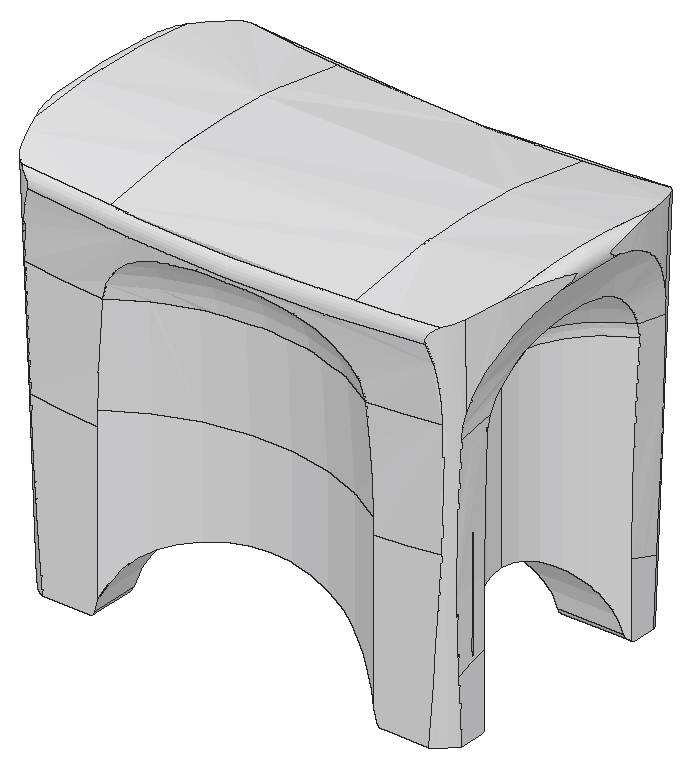
Revit family "Seat-Shower-STERLING-Accord-72186104", category Specialty Equipment, host Face, Revit 2015
Parameters (values of type "0-White")
  Width = 13 1/8"  # constant formula
  WaterSense Certified = 1 = 0  # no
  URL = "https://www.sterlingplumbing.com/"
  Type = 1
  Product Page URL = "http://www.sterlingplumbing.com/detail?productNumber=72186104"
  Product Name = "Accord"  # constant formula
  Product Documentation Link = "https://www.sterlingplumbing.com/onlinecatalog/pdf/72186104_spec.pdf"
  Model = if(Type = 2, "72186104-96", if(Type = 1, "72186104-0", "NA"))  # "72186104-0"
  Material = "Plastic"  # constant formula
  MasterFormat 2004 = "10.28.13"  # constant formula
  MasterFormat 1995 = "10820"  # constant formula
  Manufacturer Address = "444 Highland Dr, Kohler, WI 53044"  # constant formula
  Manufacturer = "KOHLER Co."  # constant formula
  Length = 21 3/8"  # constant formula
  Height = 17 3/8"  # constant formula
  Finish = Kohler-Plastic-0-White
  Environmental Product Declaration = ""
  Description = "Freestanding Seat"  # constant formula
  Default Elevation = 0"
  Declare Label = ""
  Date Modified = "06/04/2019"  # constant formula
  Date Created = "06/04/2019"  # constant formula
  Copyright = "Copyright KOHLER Co."  # constant formula
  Contact Us = "https://www.sterlingplumbing.com/contact"
  Assembly Code = "C1030200"
  ADA Compliant = 1 = 0  # no
Types (2): name | Type | Model | Finish
  96-Biscuit | 2 | "72186104-96" | Kohler-Plastic-96-Biscuit
  0-White | 1 | "72186104-0" | Kohler-Plastic-0-White
Reference planes (in)
  plane 1 "Center (Front/Back)": y = 0
  plane 2: z = 0
  plane 3 "Center (Left/Right)": x = 0
  plane 4: x = -10.6875
  plane 5: x = 10.6875
  plane 6: z = 17.375
  plane 7: y = 6.5625
  plane 8: y = -6.5625
  plane 9: x = -6.0625
  plane 10: x = 6.0625
  plane 11: y = 3.875
  plane 12: y = -3.875
  plane 13: z = 3.75
  plane 14: z = 16.75
  plane 15: y = 6.0625
  plane 16: x = 9.28125
  plane 17: x = -9.28125
  plane 18: z = 16.0625
  plane 19: y = -6.0625
Dimensions and locks (in)
  "Length": plane 4 to plane 5
  "Height": plane 6 to level
  "Width": plane 8 to plane 7
  plane 10 to plane 9 = 12 1/8"
  plane 11 to plane 12 = 7 3/4"
  plane 13 to level = 3 3/4"
  plane 5 to plane 16 = 1 13/32"
  plane 17 to plane 4 = 1 13/32"
  plane 6 to plane 14 = 5/8"
  level to plane 18 = 16 1/16"
  plane 7 to plane 15 = 1/2"
  plane 19 to plane 8 = 1/2"
  plane 16 to plane 17 = 18 9/16"
  aligned and locked: plane 2 to host face
  aligned and locked: level to host face
Automatic sketch dimensions
  host sketch curve to host sketch curve = 96"  (x2)
Nested families (in)
  nested 1: "72186104" at (0, 0, 0), type "72186104"
Definition of nested family "72186104"
  Parameters (values of type "72186104")
    Finish = none
  Reference planes (in)
    plane 1 "Center (Front/Back)": y = 0
    plane 2: z = 0
    plane 3 "Center (Left/Right)": x = 0
    plane 4: y = 6.5625
    plane 5: y = -6.5625
    plane 6: x = -9.28125
    plane 7: x = 9.28125
    plane 8: x = -6.0625
    plane 9: x = 6.0625
    plane 10: z = 17.375
    plane 11: z = 16.0625
    plane 12: z = 3.75
    plane 13: x = -10.6875
    plane 14: z = 16.75
    plane 15: y = 3.875
    plane 16: y = -3.875
    plane 17: y = 6.0625
    plane 18: y = -6.0625
    plane 19: x = 10.6875
  Forms (in)
    Sweep 1, void
      path origin (0, 0, 0) x (0, 1, 0) y (0, 0, 1)
        loop
          arc (14.36943, 13.52472) -> (0, 17.375) -> (-14.36943, 13.52472) r 28.73886
      profile origin (0, 0, 17.375) x (0, 0, -1) y (1, 0, 0)
        loop
          line (17.375, -9.125) -> (13.625, -9.125)
          arc (13.625, -9.125) -> (9.1503, -9.18784) -> (4.67913, -9.37631) r 159.34779
          arc (4.67913, -9.37631) -> (2.67155, -9.73745) -> (0.81038, -10.5722) r 8.39336
          arc (0.81038, -10.5722) -> (0.27038, -10.56424) -> (0.0405, -10.07556) r 0.50983
          arc (0.0405, -10.07556) -> (0.29134, -7.67163) -> (0.47242, -5.26144) r 83.40276
          arc (0.47242, -5.26144) -> (0.63162, 0) -> (0.47242, 5.26144) r 87.02074
          arc (0.47242, 5.26144) -> (0.29134, 7.67163) -> (0.0405, 10.07556) r 83.40276
          arc (0.0405, 10.07556) -> (0.27038, 10.56424) -> (0.81038, 10.5722) r 0.50983
          arc (0.81038, 10.5722) -> (2.67155, 9.73745) -> (4.67913, 9.37631) r 8.39336
          arc (4.67913, 9.37631) -> (9.1503, 9.18784) -> (13.625, 9.125) r 159.34779
          line (13.625, 9.125) -> (17.375, 9.125) -> (17.375, 13) -> (-1.875, 13) -> (-1.875, -13) -> (17.375, -13) -> (17.375, -9.125)
    Sweep 2, void
      path origin (0, 0, 0) x (1, 0, 0) y (0, 0, 1)
        loop
          arc (-11.30264, 16.76854) -> (0, 15.97576) -> (11.30264, 16.76854) r 80.96658
      profile origin (0, 0, 15.97576) x (0, 0, 1) y (0, -1, 0)
        loop
          line (-8.81951, -5.90625) -> (-17.06951, -5.90625) -> (-17.06951, -9.32639) -> (1.72222, -9.32639) -> (1.72222, -5.83233) -> (0.44426, -5.83233)
          arc (0.44426, -5.83233) -> (0.27965, -5.8805) -> (0.16698, -6.00981) r 0.30535
          arc (0.16698, -6.00981) -> (-0.15488, -6.34284) -> (-0.61413, -6.40288) r 0.70188
          arc (-0.61413, -6.40288) -> (-2.17194, -6.14326) -> (-3.74582, -6.01241) r 19.21878
          arc (-3.74582, -6.01241) -> (-6.28211, -5.93279) -> (-8.81951, -5.90625) r 121.29055
    Extrusion 3, void
      sketch origin (0, 0, 0) x (1, 0, 0) y (0, 0, 1)
        loop
          arc (6.30394, 0) -> (6.14576, 0.05641) -> (6.05895, 0.20017) r 0.25
          arc (6.05895, 0.20017) -> (5.20519, 1.95765) -> (3.60987, 3.08575) r 3.92502
          arc (3.60987, 3.08575) -> (1.83524, 3.58256) -> (0, 3.75) r 10.14105
          arc (0, 3.75) -> (-1.83524, 3.58256) -> (-3.60987, 3.08575) r 10.14105
          arc (-3.60987, 3.08575) -> (-5.20519, 1.95765) -> (-6.05895, 0.20017) r 3.92502
          arc (-6.05895, 0.20017) -> (-6.14576, 0.05641) -> (-6.30394, 0) r 0.25
          line (-6.30394, 0) -> (6.30394, 0)
      from -7.61625 to 7.64015
    Extrusion 4, void
      sketch origin (0, 0, 0) x (0, 1, 0) y (0, 0, 1)
        loop
          arc (4.1476, 0) -> (3.95064, 0.07584) -> (3.85541, 0.26418) r 0.29368
          arc (3.85541, 0.26418) -> (3.44394, 1.65121) -> (2.55238, 2.79064) r 3.875
          arc (2.55238, 2.79064) -> (0, 3.75) -> (-2.55238, 2.79064) r 3.875
          arc (-2.55238, 2.79064) -> (-3.44394, 1.65121) -> (-3.85541, 0.26418) r 3.875
          arc (-3.85541, 0.26418) -> (-3.95064, 0.07584) -> (-4.14696, 0) r 0.29368
          line (-4.14696, 0) -> (4.1476, 0)
      from -12.51412 to 12
    Blend 5, solid, material <- "Finish", detail levels medium+fine
      base sketch origin (0, 0, 0) x (1, 0, 0) y (0, 1, 0)
        loop
          arc (-7.59017, 6.0625) -> (-8.57595, 5.75844) -> (-9.21917, 4.95193) r 1.75
          arc (-9.21917, 4.95193) -> (-10.15625, 0) -> (-9.21917, -4.95193) r 13.55256
          arc (-9.21917, -4.95193) -> (-8.57595, -5.75844) -> (-7.59017, -6.0625) r 1.75
          line (-7.59017, -6.0625) -> (7.59017, -6.0625)
          arc (7.59017, -6.0625) -> (8.57595, -5.75844) -> (9.21917, -4.95193) r 1.75
          arc (9.21917, -4.95193) -> (10.15625, 0) -> (9.21917, 4.95193) r 13.55256
          arc (9.21917, 4.95193) -> (8.57595, 5.75844) -> (7.59017, 6.0625) r 1.75
          line (7.59017, 6.0625) -> (-7.59017, 6.0625)
      top sketch origin (0, 0, 0) x (1, 0, 0) y (0, 1, 0)
        loop
          arc (-7.95717, 6.5625) -> (-8.9227, 6.27204) -> (-9.56772, 5.49706) r 1.75
          arc (-9.56772, 5.49706) -> (-10.6875, 0) -> (-9.56772, -5.49706) r 14.05256
          arc (-9.56772, -5.49706) -> (-8.9227, -6.27204) -> (-7.95717, -6.5625) r 1.75
          line (-7.95717, -6.5625) -> (7.95717, -6.5625)
          arc (7.95717, -6.5625) -> (8.9227, -6.27204) -> (9.56772, -5.49706) r 1.75
          arc (9.56772, -5.49706) -> (10.6875, 0) -> (9.56772, 5.49706) r 14.05256
          arc (9.56772, 5.49706) -> (8.9227, 6.27204) -> (7.95717, 6.5625) r 1.75
          line (7.95717, 6.5625) -> (-7.95717, 6.5625)
      from 0 to 17.375
    Sweep 6, void
      path origin (0, 0, 0) x (1, 0, 0) y (0, 0, -1)
        loop
          arc (-11.30264, -16.76854) -> (0, -15.97576) -> (11.30264, -16.76854) r 80.96658
      profile origin (0, 0, 15.97576) x (0, 0, -1) y (0, 1, 0)
        loop
          arc (8.81951, -5.90625) -> (6.28211, -5.93279) -> (3.74582, -6.01241) r 121.29055
          arc (3.74582, -6.01241) -> (2.17242, -6.1432) -> (0.61506, -6.40268) r 19.21878
          arc (0.61506, -6.40268) -> (0.1552, -6.34261) -> (-0.16723, -6.00926) r 0.70313
          arc (-0.16723, -6.00926) -> (-0.27966, -5.88035) -> (-0.44384, -5.83233) r 0.30469
          line (-0.44384, -5.83233) -> (-1.72222, -5.83233) -> (-1.72222, -9.32639) -> (17.06951, -9.32639) -> (17.06951, -5.90625) -> (8.81951, -5.90625)
    Sweep 7, void
      path origin (0, 0, 0) x (-1, 0, 0) y (0, 1, 0)
        loop
          circle (-11.17387, 0) r 4.48797
      profile origin (11.17387, -4.48797, 0) x (0, 1, 0) y (0, 0, 1)
        loop
          line (0, 11.75662) -> (0, 0) -> (3.78125, 0) -> (3.78125, 14.81341)
          arc (3.78125, 14.81341) -> (1.57896, 14.14463) -> (0.12046, 12.36415) r 3.96042
          arc (0.12046, 12.36415) -> (0.03041, 12.06629) -> (0, 11.75662) r 1.59221
    Sweep 8, void
      path origin (-12.67573, 23.83959, 0) x (-1, 0, 0) y (0, -1, 0)
        loop
          arc (-21.23667, 15.8824) -> (-12.67573, 20.3029) -> (-4.11479, 15.8824) r 10.5
      profile origin (0, 3.53669, 0) x (0, -1, 0) y (0, 0, 1)
        loop
          arc (-0.4375, 8) -> (-0.49958, 10.2239) -> (-0.68563, 12.44088) r 39.8636
          arc (-0.68563, 12.44088) -> (-1.49906, 14.27894) -> (-3.21875, 15.31951) r 3.3467
          line (-3.21875, 15.31951) -> (-3.21875, 0) -> (-0.4375, 0) -> (-0.4375, 8)
    Revolve 9, void
      sketch origin (0, 0, 0) x (1, 0, 0) y (0, 0, 1)
        loop
          arc (0.00001, 3.8125) -> (-1.83523, 3.64506) -> (-3.60987, 3.14825) r 10.14105
          arc (-3.60987, 3.14825) -> (-5.21755, 2.00552) -> (-6.06641, 0.22508) r 3.92502
          arc (-6.06641, 0.22508) -> (-6.16234, 0.06354) -> (-6.33915, 0) r 0.27779
          line (-6.33915, 0) -> (0.00001, 0) -> (0.00001, 3.8125)
        axis (0.00001, 0) -> (0.00001, 3.8125)
      angle from 0 to 360
    Sweep 10, void
      path origin (-12.67573, -23.83959, 0) x (-1, 0, 0) y (0, 1, 0)
        loop
          arc (-21.23667, 15.8824) -> (-12.67573, 20.3029) -> (-4.11479, 15.8824) r 10.5
      profile origin (0, -3.53669, 0) x (0, -1, 0) y (0, 0, 1)
        loop
          line (0.4375, 8) -> (0.4375, 0) -> (3.21875, 0) -> (3.21875, 15.31951)
          arc (3.21875, 15.31951) -> (1.49906, 14.27894) -> (0.68563, 12.44088) r 3.3467
          arc (0.68563, 12.44088) -> (0.49958, 10.2239) -> (0.4375, 8) r 39.8636
    Sweep 11, void
      path origin (0, 0, 0) x (1, 0, 0) y (0, 1, 0)
        loop
          circle (-11.17387, 0) r 4.48797
      profile origin (-11.17387, -4.48797, 0) x (0, -1, 0) y (0, 0, 1)
        loop
          arc (0, 11.75662) -> (-0.03041, 12.06629) -> (-0.12046, 12.36415) r 1.59221
          arc (-0.12046, 12.36415) -> (-1.57896, 14.14463) -> (-3.78125, 14.81341) r 3.96042
          line (-3.78125, 14.81341) -> (-3.78125, 0) -> (0, 0) -> (0, 11.75662)
    Extrusion 12, solid, material <- "Finish", detail levels coarse
      sketch origin (0, 0, 0) x (1, 0, 0) y (0, 1, 0)
        loop
          arc (-7.95717, 6.5625) -> (-8.9227, 6.27204) -> (-9.56772, 5.49706) r 1.75
          arc (-9.56772, 5.49706) -> (-10.6875, 0) -> (-9.56772, -5.49706) r 14.05256
          arc (-9.56772, -5.49706) -> (-8.9227, -6.27204) -> (-7.95717, -6.5625) r 1.75
          line (-7.95717, -6.5625) -> (7.95717, -6.5625)
          arc (7.95717, -6.5625) -> (8.9227, -6.27204) -> (9.56772, -5.49706) r 1.75
          arc (9.56772, -5.49706) -> (10.6875, 0) -> (9.56772, 5.49706) r 14.05256
          arc (9.56772, 5.49706) -> (8.9227, 6.27204) -> (7.95717, 6.5625) r 1.75
          line (7.95717, 6.5625) -> (-7.95717, 6.5625)
      from 0 to 17.375
  Cuts and joins
    Sweep 1, Sweep 2, Extrusion 3, Extrusion 4, Sweep 6, Sweep 7, Sweep 8, Revolve 9, Sweep 10, Sweep 11 cuts Blend 5
  Lines and regions (in)
    Masking region 1
      outline origin (0, 0, 0) x (1, 0, 0) y (0, 1, 0)
        loop
          arc (-7.95717, 6.5625) -> (-8.9227, 6.27204) -> (-9.56772, 5.49706) r 1.75
          arc (-9.56772, 5.49706) -> (-10.6875, 0) -> (-9.56772, -5.49706) r 14.05256
          arc (-9.56772, -5.49706) -> (-8.9227, -6.27204) -> (-7.95717, -6.5625) r 1.75
          line (-7.95717, -6.5625) -> (7.95717, -6.5625)
          arc (7.95717, -6.5625) -> (8.9227, -6.27204) -> (9.56772, -5.49706) r 1.75
          arc (9.56772, -5.49706) -> (10.6875, 0) -> (9.56772, 5.49706) r 14.05256
          arc (9.56772, 5.49706) -> (8.9227, 6.27204) -> (7.95717, 6.5625) r 1.75
          line (7.95717, 6.5625) -> (-7.95717, 6.5625)
    Masking region 2
      outline origin (0, 0, 0) x (1, 0, 0) y (0, 0, 1)
        loop
          arc (9.03125, 0) -> (9.20803, 0.07322) -> (9.28125, 0.25) r 0.25
          line (9.28125, 0.25) -> (9.28125, 9.29034)
          arc (9.28125, 9.29034) -> (9.32387, 10.98722) -> (9.45163, 12.67983) r 33.80002
          arc (9.45163, 12.67983) -> (9.85412, 14.71841) -> (10.63238, 16.64509) r 11.01284
          arc (10.63238, 16.64509) -> (10.68616, 16.85366) -> (10.64342, 17.06478) r 0.48053
          arc (10.64342, 17.06478) -> (10.47844, 17.27132) -> (10.23502, 17.37437) r 0.53807
          arc (10.23502, 17.37437) -> (0.0021, 17.21607) -> (-10.2308, 17.375) r 330.15416
          arc (-10.2308, 17.375) -> (-10.47674, 17.2726) -> (-10.64342, 17.06478) r 0.53807
          arc (-10.64342, 17.06478) -> (-10.68616, 16.85366) -> (-10.63238, 16.64509) r 0.48053
          arc (-10.63238, 16.64509) -> (-9.85412, 14.71841) -> (-9.45163, 12.67983) r 11.01284
          arc (-9.45163, 12.67983) -> (-9.32387, 10.98722) -> (-9.28125, 9.29034) r 33.80002
          line (-9.28125, 9.29034) -> (-9.28125, 0.25)
          arc (-9.28125, 0.25) -> (-9.20803, 0.07322) -> (-9.03125, 0) r 0.25
          line (-9.03125, 0) -> (-6.14769, 0)
          arc (-6.14769, 0) -> (-5.98951, 0.05641) -> (-5.9027, 0.20017) r 0.25
          arc (-5.9027, 0.20017) -> (-4.91359, 2.10902) -> (-3.06726, 3.21045) r 3.92502
          arc (-3.06726, 3.21045) -> (0, 3.75008) -> (3.06726, 3.21045) r 8.98696
          arc (3.06726, 3.21045) -> (4.91359, 2.10902) -> (5.9027, 0.20017) r 3.92502
          arc (5.9027, 0.20017) -> (5.98951, 0.05641) -> (6.14769, 0) r 0.25
          line (6.14769, 0) -> (9.03125, 0)
    Masking region 3
      outline origin (0, 0, 0) x (0, 1, 0) y (0, 0, 1)
        loop
          line (6.0625, 0.25) -> (6.0625, 9.8125)
          arc (6.0625, 9.8125) -> (6.09001, 11.98214) -> (6.17251, 14.15038) r 85.58033
          arc (6.17251, 14.15038) -> (6.2759, 14.90987) -> (6.50571, 15.6411) r 4.53573
          arc (6.50571, 15.6411) -> (6.48008, 16.26601) -> (5.9897, 16.6542) r 0.75
          arc (5.9897, 16.6542) -> (-0.00073, 17.375) -> (-5.99113, 16.65385) r 25.24715
          arc (-5.99113, 16.65385) -> (-6.48041, 16.26535) -> (-6.50571, 15.6411) r 0.75
          arc (-6.50571, 15.6411) -> (-6.2759, 14.90987) -> (-6.17251, 14.15038) r 4.53573
          arc (-6.17251, 14.15038) -> (-6.09001, 11.98214) -> (-6.0625, 9.8125) r 85.58033
          line (-6.0625, 9.8125) -> (-6.0625, 0.25)
          arc (-6.0625, 0.25) -> (-5.98928, 0.07322) -> (-5.8125, 0) r 0.25
          line (-5.8125, 0) -> (-4.10982, 0)
          arc (-4.10982, 0) -> (-3.94131, 0.06532) -> (-3.86087, 0.22716) r 0.25
          arc (-3.86087, 0.22716) -> (-2.61327, 2.73693) -> (0, 3.75) r 3.87708
          arc (0, 3.75) -> (2.61327, 2.73693) -> (3.86087, 0.22716) r 3.87708
          arc (3.86087, 0.22716) -> (3.94131, 0.06532) -> (4.10982, 0) r 0.25
          line (4.10982, 0) -> (5.8125, 0)
          arc (5.8125, 0) -> (5.98928, 0.07322) -> (6.0625, 0.25) r 0.25
    symbolic lines, detail levels medium+fine
      curve 1: line (6.0625, 0, 9.75) -> (6.0625, 0, 0.01498)
      curve 2: line (-6.0625, 0, 9.75) -> (-6.0625, 0, 0.01498)
      curve 3: arc (6.0625, 0, 9.75) -> (0, 0, 15.8125) -> (-6.0625, 0, 9.75) r 6.0625
      curve 4: arc (7.88395, 0, 16.48008) -> (0.05618, 0, 16.12753) -> (-7.77158, 0, 16.48008) r 87.0784
      curve 5: arc (-9.59027, 0, 16.0625) -> (-9.35854, 0, 12.67994) -> (-9.28125, 0, 9.29034) r 74.36127
      curve 6: arc (-9.78936, 0, 16.66613) -> (-9.65535, 0, 16.37568) -> (-9.59027, 0, 16.0625) r 1.40974
      curve 7: arc (9.59027, 0, 16.0625) -> (9.35854, 0, 12.67994) -> (9.28125, 0, 9.29034) r 74.36127
      curve 8: arc (9.78579, 0, 16.66023) -> (9.65427, 0, 16.37241) -> (9.59027, 0, 16.0625) r 1.40974
      curve 9: line (0, 3.875, 0.16422) -> (0, 3.875, 10.66422)
      curve 10: line (0, -3.875, 0.16422) -> (0, -3.875, 10.66422)
      curve 11: arc (0, 5.9897, 16.6542) -> (0, -0.00073, 17.375) -> (0, -5.99113, 16.65385) r 25.24715
      curve 12: arc (0, 2.58107, 15.07777) -> (0, 1.38127, 15.80796) -> (0, 0, 16.0625) r 3.875
      curve 13: arc (0, 3.875, 10.66422) -> (0, 3.7358, 12.33704) -> (0, 3.32202, 13.96386) r 10.12106
      curve 14: arc (0, 3.32202, 13.96386) -> (0, 3.02292, 14.56829) -> (0, 2.58107, 15.07777) r 2.65307
      curve 15: arc (0, -2.58107, 15.07777) -> (0, -1.38127, 15.80796) -> (0, 0, 16.0625) r 3.875
      curve 16: arc (0, -3.875, 10.66422) -> (0, -3.7358, 12.33704) -> (0, -3.32202, 13.96386) r 10.12106
      curve 17: arc (0, -3.32202, 13.96386) -> (0, -3.02292, 14.56829) -> (0, -2.58107, 15.07777) r 2.65307
      curve 18: arc (-7.77158, 0, 16.48008) -> (-9.222, 0, 16.61302) -> (-10.67204, 0, 16.75) r 523.8139
      curve 19: arc (10.67204, 0, 16.75) -> (9.27843, 0, 16.61051) -> (7.88395, 0, 16.48008) r 215.54913
      curve 20: arc (0, 6.54917, 16.0625) -> (0, 0, 16.87477) -> (0, -6.54917, 16.0625) r 26.80842
      curve 21: arc (-10.29719, 0, 17.36097) -> (-9.0634, 0, 17.22296) -> (-7.82776, 0, 17.10255) r 87.0784
      curve 22: arc (7.82776, 0, 17.10255) -> (0, 0, 16.75) -> (-7.82776, 0, 17.10255) r 87.0784
      curve 23: arc (10.29719, 0, 17.36097) -> (9.0634, 0, 17.22296) -> (7.82776, 0, 17.10255) r 87.0784
  Dimensions and locks (in)
    plane 5 to plane 4 = 13 1/8"
    plane 7 to plane 6 = 18 9/16"
    plane 8 to plane 9 = 12 1/8"
    plane 10 to level = 17 3/8"
    plane 2 to plane 11 = 16 1/16"
    plane 12 to level = 3 3/4"  (x2)
    plane 6 to plane 13 = 1 13/32"
    plane 10 to plane 14 = 5/8"
    plane 15 to plane 16 = 7 3/4"
    plane 13 to plane 19 = 21 3/8"
    plane 4 to plane 17 = 1/2"
    aligned and locked: plane 2 to level
